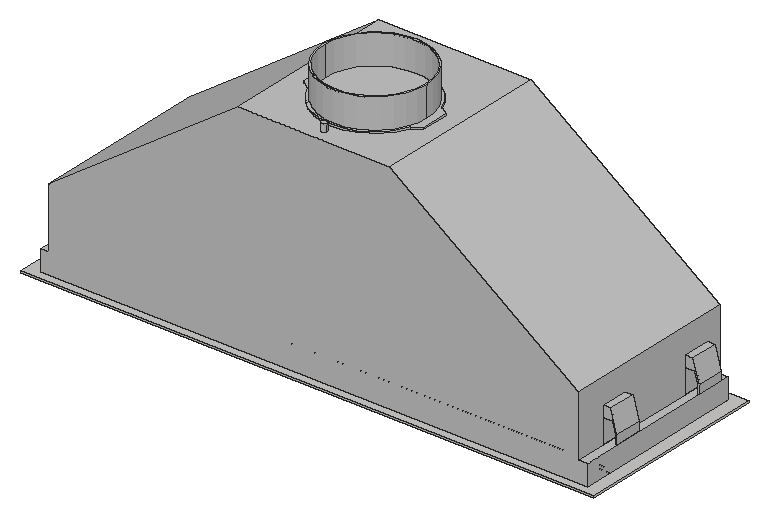
Revit family "FP_Revit_18_HP90IHCB3_Rangehood_90000963A", category Specialty Equipment, Revit 2018
Family settings
  Round Connector Dimension = Use Diameter
  Part Type = Normal
  OmniClass Number = 23.40.40.00
  OmniClass Title = Food Service Equipment and Furnishings
  Work Plane-Based = No
  Always vertical = Yes
  Cut with Voids When Loaded = Yes
  Shared = No
  Room Calculation Point = No
Parameters
  Visibility - Clearance Required = yes
  URL = "www.fisherpaykel.com"
  Product - Width = 530 mm  # constant formula
  Product - Height = 360 mm  # constant formula
  Product - Depth = 280 mm  # constant formula
  Model = "HP90IHCB3"
  Material - Trim = Fisher & Paykel - Stainless Steel
  Material - Glass = Fisher & Paykel - Glass, Black
  Material - Diffuser = Fisher & Paykel - White Bezel
  Material - Body = Fisher & Paykel - Grey
  Manufacturer = "Fisher & Paykel Appliances"
  Keynote = ""
  FFL Offset [instance] = 1550 mm
  Description = "90cm Built-in Integrated Rangehood"
  Connector Description - Extraction = "Use rigid or semi-rigid ducting 150mm diameter, 687m³/hr"
  Connector Description - Electrical = "220-240 V, 50Hz, 15 A fused electrical supply"
  Chassis - Width = 492 mm  # constant formula
  Chassis - Height = 315 mm  # constant formula
  Chassis - Depth = 255 mm  # constant formula
  Cavity - Width = 800 mm  # constant formula
  Cavity - Height = 365 mm  # constant formula
  Cavity - Depth = 260 mm  # constant formula
Reference planes
  plane 1 "Center (Front/Back)": y = 0
  plane 2: z = 0
  plane 3 "Center (Left/Right)": x = 0
  plane 4 "Product - LHS": x = -415
  plane 5 "Product - RHS": x = 415
  plane 6 "Product - Rear": y = 140
  plane 7 "Cavity - Rear": y = 130
  plane 8 "Chassis - LHS": x = -396
  plane 9 "Chassis - RHS": x = 396
  plane 10 "Product - Front": y = -140
  plane 11 "Cavity - Front": y = -130
  plane 12 "Chassis - Rear": y = 127.5
  plane 13 "Chassis - Front": y = -127.5
  plane 14 "Cavity - RHS": x = 400
  plane 15 "Cavity - LHS": x = -400
  plane 16 "FFL Offset": z = 1550
  plane 17 "Frame": z = 1548
Forms (mm)
  Extrusion 1, solid, material "Fisher & Paykel - Grey" <- "Material - Body"
    sketch origin (0, -130, 0) x (-1, 0, 0) y (0, 0, 1)
      loop
        line (-384, 1580) -> (-396, 1580) -> (-396, 1550) -> (396, 1550) -> (396, 1580) -> (384, 1580) -> (384, 1669) -> (110.5, 1865) -> (-110.5, 1865) -> (-384, 1669) -> (-384, 1580)
    from 2.5 to 257.5
  Extrusion 2, void
    sketch origin (0, 0, 0) x (0, 1, 0) y (0, 0, 1)
      loop
        line (-125.5, 1548) -> (-87.449, 1548) -> (-87.449, 1550) -> (-85.042, 1553.195) -> (-110.289, 1572.22) -> (-112.696, 1569.025) -> (-125.5, 1563.852) -> (-125.5, 1548)
      loop
        line (-67.5, 1548) -> (125.5, 1548) -> (125.5, 1568) -> (117.5, 1568) -> (117.5, 1578) -> (-67.5, 1578) -> (-67.5, 1548)
    from -395 to 395
  Extrusion 3, solid, material "Fisher & Paykel - Stainless Steel" <- "Material - Trim"
    sketch origin (0, 0, 0) x (1, 0, 0) y (0, 1, 0)
      loop
        line (-415, -140) -> (415, -140) -> (415, 140) -> (-415, 140) -> (-415, -140)
      loop
        line (-395, -125) -> (395, -125) -> (395, -87) -> (-395, -87) -> (-395, -125)
      loop
        line (-395, -67) -> (395, -67) -> (395, 125) -> (-395, 125) -> (-395, -67)
    from 1548 to 1550
  Extrusion 4, solid, material "Fisher & Paykel - Glass, Black" <- "Material - Glass", detail levels fine
    sketch origin (0, 0, 0) x (1, 0, 0) y (0, 1, 0)
      loop
        line (-377, -47.8) -> (377, -47.8) -> (377, 109.2) -> (-377, 109.2) -> (-377, -47.8)
      loop
        line (-182.5, -10) -> (-102.5, -10) -> (-102.5, 60) -> (-182.5, 60) -> (-182.5, -10)
      loop
        line (182.5, -10) -> (182.5, 60) -> (102.5, 60) -> (102.5, -10) -> (182.5, -10)
    from 1548 to 1551
  Extrusion 5, solid, material "Fisher & Paykel - Grey"
    sketch origin (0, 0, 0) x (1, 0, 0) y (0, 1, 0)
      loop
        circle (0, -17) r 75
      loop
        circle (0, -17) r 73
    from 1867.021 to 1910
  Extrusion 6, solid, material "Fisher & Paykel - Grey" <- "Material - Body", detail levels fine
    sketch origin (0, 0, -0.879) x (1, 0, 0) y (0, 1, 0)
      loop
        line (-86.5, 3) -> (-86.5, -37) -> (-73.484, -46)
        arc (-73.484, -46) -> (0, -96) -> (73.484, -46) r 79
        line (73.484, -46) -> (86.5, -37) -> (86.5, 3) -> (73.484, 12)
        arc (73.484, 12) -> (0, 62) -> (-73.484, 12) r 79
        line (-73.484, 12) -> (-86.5, 3)
    from 1865.879 to 1867.9
  Extrusion 7, solid, material "Fisher & Paykel - Grey" <- "Material - Body", detail levels fine
    sketch origin (0, 0, 0) x (1, 0, 0) y (0, 1, 0)
      loop
        circle (0, -108.984) r 4
    from 1865 to 1874.8
  Extrusion 8, solid, material "Fisher & Paykel - Glass, Black" <- "Material - Glass", detail levels fine
    sketch origin (0, 0, 1550) x (0, 1, 0) y (0, 0, 1)
      loop
        line (-87.449, 0) -> (-85.042, 3.195) -> (-110.289, 22.22) -> (-112.696, 19.025) -> (-87.449, 0)
    from -395 to 395
  Extrusion 9, solid, material "Fisher & Paykel - White Bezel" <- "Material - Diffuser", detail levels fine
    sketch origin (0, 0, 0) x (1, 0, 0) y (0, 1, 0)
      loop
        line (-182.5, 60) -> (-182.5, -10) -> (-102.5, -10) -> (-102.5, 60) -> (-182.5, 60)
      loop
        line (182.5, 60) -> (102.5, 60) -> (102.5, -10) -> (182.5, -10) -> (182.5, 60)
    from 1548 to 1551
  Extrusion 10, solid, material "Fisher & Paykel - Clearance Required", visible <- "Visibility - Clearance Required", detail levels coarse
    sketch origin (0, 0, 0) x (1, 0, 0) y (0, 1, 0)
      loop
        line (-400, 130) -> (-400, -130) -> (400, -130) -> (400, 130) -> (-400, 130)
    from 1550 to 1915
  Extrusion 11, solid, material "Fisher & Paykel - Clearance Required", visible <- "Visibility - Clearance Required", detail levels coarse
    sketch origin (0, 0, 0) x (1, 0, 0) y (0, 1, 0)
      loop
        circle (0, -17) r 80
    from 1915 to 1965
  Extrusion 12, solid, material "Fisher & Paykel - Grey" <- "Material - Body", detail levels medium+fine
    sketch origin (0, 0, 1550) x (1, 0, 0) y (0, 0, 1)
      loop
        line (-398.5, 67) -> (-386, 67) -> (-386, 33) -> (-384, 33) -> (-384, 83) -> (-396, 83) -> (-405, 51) -> (-405, 39) -> (-403, 39) -> (-403, 51) -> (-398.5, 67)
      loop
        line (398.5, 67) -> (403, 51) -> (403, 39) -> (405, 39) -> (405, 51) -> (396, 83) -> (384, 83) -> (384, 33) -> (386, 33) -> (386, 67) -> (398.5, 67)
    from 46 to 85.042
  Extrusion 13, solid, material "Fisher & Paykel - Grey" <- "Material - Body", detail levels medium+fine
    sketch origin (0, 0, 1550) x (1, 0, 0) y (0, 0, -1)
      loop
        line (-398.5, -67) -> (-403, -51) -> (-403, -39) -> (-405, -39) -> (-405, -51) -> (-396, -83) -> (-384, -83) -> (-384, -33) -> (-386, -33) -> (-386, -67) -> (-398.5, -67)
      loop
        line (398.5, -67) -> (386, -67) -> (386, -33) -> (384, -33) -> (384, -83) -> (396, -83) -> (405, -51) -> (405, -39) -> (403, -39) -> (403, -51) -> (398.5, -67)
    from 64 to 103
  Extrusion 14, solid, material "Fisher & Paykel - Glass, Black" <- "Material - Glass", not visible, detail levels fine
    sketch origin (0, 0, 500) x (0, 1, 0) y (0, 0, 1)
      loop
        line (-87.449, 0) -> (-85.042, 3.195) -> (-110.289, 22.22) -> (-112.696, 19.025) -> (-87.449, 0)
    from -395 to 395
  Extrusion 15, solid, material "Fisher & Paykel - Grey" <- "Material - Body", not visible, detail levels medium+fine
    sketch origin (0, 0, 500) x (1, 0, 0) y (0, 0, 1)
      loop
        line (-398.5, 67) -> (-386, 67) -> (-386, 33) -> (-384, 33) -> (-384, 83) -> (-396, 83) -> (-405, 51) -> (-405, 39) -> (-403, 39) -> (-403, 51) -> (-398.5, 67)
      loop
        line (398.5, 67) -> (403, 51) -> (403, 39) -> (405, 39) -> (405, 51) -> (396, 83) -> (384, 83) -> (384, 33) -> (386, 33) -> (386, 67) -> (398.5, 67)
    from 46 to 85.042
  Extrusion 16, solid, material "Fisher & Paykel - Grey" <- "Material - Body", not visible, detail levels medium+fine
    sketch origin (0, 0, 500) x (1, 0, 0) y (0, 0, -1)
      loop
        line (-398.5, -67) -> (-403, -51) -> (-403, -39) -> (-405, -39) -> (-405, -51) -> (-396, -83) -> (-384, -83) -> (-384, -33) -> (-386, -33) -> (-386, -67) -> (-398.5, -67)
      loop
        line (398.5, -67) -> (386, -67) -> (386, -33) -> (384, -33) -> (384, -83) -> (396, -83) -> (405, -51) -> (405, -39) -> (403, -39) -> (403, -51) -> (398.5, -67)
    from 64 to 103
  Extrusion 17, void
    sketch origin (0, 0, 0) x (1, 0, 0) y (0, 1, 0)
      loop
        line (-400, 130) -> (-400, -130) -> (400, -130) -> (400, 130) -> (-400, 130)
    from 1550 to 1915
  Extrusion 18, void
    sketch origin (0, 0, 0) x (1, 0, 0) y (0, 1, 0)
      loop
        circle (0, -17) r 80
    from 1915 to 1965
Cuts and joins
  Extrusion 2 cuts Extrusion 1
Text (mm)
  text "Due to ongoing product development, product details are subject to change without notice. \nPlease always refer to www.fisherpaykel.com for the most current product information. \n© Fisher & Paykel 2020" at (41.04, -1044.323, 0), in view "Ref. Level (Plan)"
Dimensions and locks
  equal spacing: plane 4 "Product - LHS", plane 3 "Center (Left/Right)", plane 5 "Product - RHS"
  equal spacing: plane 8 "Chassis - LHS", plane 3 "Center (Left/Right)", plane 9 "Chassis - RHS"
  plane 8 "Chassis - LHS" to plane 9 "Chassis - RHS" = 792 mm
  equal spacing: plane 11 "Cavity - Front", plane 1 "Center (Front/Back)", plane 7 "Cavity - Rear"
  equal spacing: plane 12 "Chassis - Rear", plane 1 "Center (Front/Back)", plane 13 "Chassis - Front"
  equal spacing: plane 6 "Product - Rear", plane 1 "Center (Front/Back)", plane 10 "Product - Front"
  "Cavity - Depth": plane 11 "Cavity - Front" to plane 7 "Cavity - Rear"
  "Product - Depth": plane 6 "Product - Rear" to plane 10 "Product - Front"
  plane 4 "Product - LHS" to plane 5 "Product - RHS" = 830 mm
  "Chassis - Depth": plane 12 "Chassis - Rear" to plane 13 "Chassis - Front"
  equal spacing: plane 15 "Cavity - LHS", plane 3 "Center (Left/Right)", plane 14 "Cavity - RHS"
  plane 15 "Cavity - LHS" to plane 14 "Cavity - RHS" = 800 mm
  "Cavity - Width": plane 15 "Cavity - LHS" to plane 14 "Cavity - RHS"
  "FFL Offset": plane 16 "FFL Offset" to level
  locked: Extrusion 1 sketch curve to plane 16 "FFL Offset" at 30
  locked: Extrusion 1 sketch curve to plane 16 "FFL Offset" at 119  (x2)
  locked: Extrusion 2 sketch curve to plane 16 "FFL Offset" at 13.852
  locked: Extrusion 2 sketch curve to plane 16 "FFL Offset" at 3.195
  locked: Extrusion 2 sketch curve to plane 16 "FFL Offset" at 19.025
  locked: Extrusion 2 sketch curve to plane 16 "FFL Offset" at 22.22
  locked: plane 16 "FFL Offset" to Extrusion 2 sketch curve at 18
  locked: plane 16 "FFL Offset" to Extrusion 2 sketch curve at 28
  plane 16 "FFL Offset" to plane 17 "Frame" = 2 mm
  locked: Extrusion 6 to cut or joined group of Extrusion 1, Extrusion 2 at 2.021
  cut or joined group of Extrusion 1, Extrusion 2 to plane 16 "FFL Offset" = 315 mm
  locked: Extrusion 7 to plane 16 "FFL Offset" at 324.8
  locked: Extrusion 5 to plane 16 "FFL Offset" at 360
  "Chassis - Height": cut or joined group of Extrusion 1, Extrusion 2 to plane 16 "FFL Offset"
  locked: Extrusion 4 to plane 17 "Frame" at 3
  locked: Extrusion 12 to plane 16 "FFL Offset" at 83
  "Cavity - Height": Extrusion 10 to plane 16 "FFL Offset"
  locked: Extrusion 11 to Extrusion 10 at 50
  aligned and locked: level to plane 2
  aligned and locked: plane 12 "Chassis - Rear" to Extrusion 1
  aligned and locked: Extrusion 1 to plane 13 "Chassis - Front"
  aligned and locked: plane 7 "Cavity - Rear" to Extrusion 10 sketch curve
  aligned and locked: Extrusion 10 sketch curve to plane 15 "Cavity - LHS"
  aligned and locked: plane 11 "Cavity - Front" to Extrusion 10 sketch curve
  aligned and locked: Extrusion 10 sketch curve to plane 14 "Cavity - RHS"
  aligned and locked: Extrusion 5 to Extrusion 6
  aligned and locked: Extrusion 11 to Extrusion 10
  aligned and locked: Extrusion 1 sketch curve to plane 16 "FFL Offset"
  aligned and locked: Extrusion 1 sketch curve to Extrusion 1 sketch curve
  aligned and locked: Extrusion 2 sketch curve to Extrusion 2 sketch curve
  aligned and locked: Extrusion 6 to cut or joined group of Extrusion 1, Extrusion 2
  aligned and locked: Extrusion 2 to plane 17 "Frame"
  aligned and locked: Extrusion 7 to cut or joined group of Extrusion 1, Extrusion 2
  aligned and locked: Extrusion 3 to cut or joined group of Extrusion 1, Extrusion 2
  aligned and locked: Extrusion 3 to plane 17 "Frame"
  aligned and locked: Extrusion 3 to Extrusion 4
  aligned and locked: Extrusion 4 to Extrusion 9
  aligned and locked: Extrusion 3 to Extrusion 9
  aligned and locked: Extrusion 10 to cut or joined group of Extrusion 1, Extrusion 2
  aligned and locked: Extrusion 17 to Extrusion 10
  aligned and locked: Extrusion 17 to cut or joined group of Extrusion 1, Extrusion 2
  aligned and locked: Extrusion 18 to Extrusion 10
  aligned and locked: Extrusion 18 to Extrusion 11
Automatic sketch dimensions
  Extrusion 8 sketch curve to Extrusion 8 sketch curve = 2.407 mm
  Extrusion 8 sketch curve to Extrusion 8 sketch curve = 25.247 mm
  Extrusion 12 sketch curve to Extrusion 12 sketch curve = 2 mm  (x4)
  Extrusion 12 sketch curve to Extrusion 12 sketch curve = 6 mm  (x2)
  Extrusion 12 sketch curve to Extrusion 12 sketch curve = 12 mm  (x3)
  Extrusion 12 sketch curve to Extrusion 12 sketch curve = 0 mm  (x3)
  Extrusion 12 sketch curve to Extrusion 12 sketch curve = 16 mm  (x4)
  Extrusion 13 sketch curve to Extrusion 13 sketch curve = 2 mm  (x4)
  Extrusion 13 sketch curve to Extrusion 13 sketch curve = 12 mm  (x4)
  Extrusion 13 sketch curve to Extrusion 13 sketch curve = 16 mm  (x4)
  Extrusion 13 sketch curve to Extrusion 13 sketch curve = 0 mm  (x3)
  Extrusion 13 sketch curve to Extrusion 13 sketch curve = 6 mm  (x2)
  Extrusion 8 sketch curve to Extrusion 8 sketch curve = 3.195 mm
  Extrusion 12 sketch curve to Extrusion 12 sketch curve = 4.5 mm
  Extrusion 12 sketch curve to Extrusion 12 sketch curve = 2.5 mm
  Extrusion 12 sketch curve to Extrusion 12 sketch curve = 17 mm  (x2)
  Extrusion 12 sketch curve to Extrusion 12 sketch curve = 768 mm
  Extrusion 12 sketch curve to Extrusion 12 sketch curve = 12.5 mm
  Extrusion 13 sketch curve to Extrusion 13 sketch curve = 4.5 mm
  Extrusion 13 sketch curve to Extrusion 13 sketch curve = 2.5 mm
  Extrusion 13 sketch curve to Extrusion 13 sketch curve = 768 mm
  Extrusion 13 sketch curve to Extrusion 13 sketch curve = 12.5 mm
  Extrusion 13 sketch curve to Extrusion 13 sketch curve = 17 mm
  Extrusion 14 sketch curve to Extrusion 14 sketch curve = 2.407 mm
  Extrusion 14 sketch curve to Extrusion 14 sketch curve = 25.247 mm
  Extrusion 15 sketch curve to Extrusion 15 sketch curve = 2 mm  (x4)
  Extrusion 15 sketch curve to Extrusion 15 sketch curve = 6 mm  (x2)
  Extrusion 15 sketch curve to Extrusion 15 sketch curve = 12 mm  (x3)
  Extrusion 15 sketch curve to Extrusion 15 sketch curve = 0 mm  (x3)
  Extrusion 15 sketch curve to Extrusion 15 sketch curve = 16 mm  (x4)
  Extrusion 16 sketch curve to Extrusion 16 sketch curve = 2 mm  (x4)
  Extrusion 16 sketch curve to Extrusion 16 sketch curve = 12 mm  (x4)
  Extrusion 16 sketch curve to Extrusion 16 sketch curve = 16 mm  (x4)
  Extrusion 16 sketch curve to Extrusion 16 sketch curve = 0 mm  (x3)
  Extrusion 16 sketch curve to Extrusion 16 sketch curve = 6 mm  (x2)
  Extrusion 14 sketch curve to Extrusion 14 sketch curve = 3.195 mm
  Extrusion 15 sketch curve to Extrusion 15 sketch curve = 4.5 mm
  Extrusion 15 sketch curve to Extrusion 15 sketch curve = 2.5 mm
  Extrusion 15 sketch curve to Extrusion 15 sketch curve = 17 mm  (x2)
  Extrusion 15 sketch curve to Extrusion 15 sketch curve = 768 mm
  Extrusion 15 sketch curve to Extrusion 15 sketch curve = 12.5 mm
  Extrusion 16 sketch curve to Extrusion 16 sketch curve = 4.5 mm
  Extrusion 16 sketch curve to Extrusion 16 sketch curve = 2.5 mm
  Extrusion 16 sketch curve to Extrusion 16 sketch curve = 768 mm
  Extrusion 16 sketch curve to Extrusion 16 sketch curve = 12.5 mm
  Extrusion 16 sketch curve to Extrusion 16 sketch curve = 17 mm
  Extrusion 1 sketch curve to plane 9 "Chassis - RHS" = 0 mm
  Extrusion 1 sketch curve to Extrusion 1 sketch curve = 12 mm
  plane 3 "Center (Left/Right)" to Extrusion 1 sketch curve = 110.5 mm
  Extrusion 1 sketch curve to plane 3 "Center (Left/Right)" = 110.5 mm
  Extrusion 1 sketch curve to plane 8 "Chassis - LHS" = 12 mm
  Extrusion 1 sketch curve to plane 8 "Chassis - LHS" = 0 mm
  plane 16 "FFL Offset" to Extrusion 1 sketch curve = 315 mm
  Extrusion 2 sketch curve to plane 17 "Frame" = 0 mm
  Extrusion 2 sketch curve to plane 16 "FFL Offset" = 0 mm
  plane 13 "Chassis - Front" to Extrusion 2 sketch curve = 2 mm
  Extrusion 2 sketch curve to Extrusion 2 sketch curve = 12.804 mm
  Extrusion 2 sketch curve to Extrusion 2 sketch curve = 2.407 mm
  Extrusion 2 sketch curve to Extrusion 2 sketch curve = 17.542 mm
  Extrusion 2 sketch curve to plane 12 "Chassis - Rear" = 10 mm
  Extrusion 2 sketch curve to plane 12 "Chassis - Rear" = 2 mm
  Extrusion 3 sketch curve to plane 4 "Product - LHS" = 0 mm
  Extrusion 3 sketch curve to plane 5 "Product - RHS" = 0 mm
  Extrusion 3 sketch curve to plane 8 "Chassis - LHS" = 1 mm  (x2)
  Extrusion 3 sketch curve to plane 9 "Chassis - RHS" = 1 mm  (x2)
  Extrusion 3 sketch curve to plane 10 "Product - Front" = 0 mm
  plane 13 "Chassis - Front" to Extrusion 3 sketch curve = 2.5 mm
  Extrusion 3 sketch curve to Extrusion 3 sketch curve = 38 mm
  Extrusion 3 sketch curve to Extrusion 3 sketch curve = 20 mm
  Extrusion 3 sketch curve to plane 12 "Chassis - Rear" = 2.5 mm
  plane 6 "Product - Rear" to Extrusion 3 sketch curve = 0 mm
  Extrusion 4 sketch curve to plane 8 "Chassis - LHS" = 19 mm
  plane 1 "Center (Front/Back)" to Extrusion 4 sketch curve = 10 mm  (x2)
  Extrusion 4 sketch curve to plane 3 "Center (Left/Right)" = 182.5 mm
  Extrusion 4 sketch curve to Extrusion 4 sketch curve = 80 mm  (x2)
  plane 3 "Center (Left/Right)" to Extrusion 4 sketch curve = 102.5 mm
  Extrusion 4 sketch curve to plane 9 "Chassis - RHS" = 19 mm
  plane 1 "Center (Front/Back)" to Extrusion 4 sketch curve = 47.8 mm
  Extrusion 4 sketch curve to plane 1 "Center (Front/Back)" = 60 mm  (x2)
  Extrusion 4 sketch curve to plane 12 "Chassis - Rear" = 18.3 mm
  Extrusion 5 sketch curve to Extrusion 5 sketch curve = 0 mm  (x2)
  Extrusion 5 sketch curve to plane 3 "Center (Left/Right)" = 0 mm
  plane 1 "Center (Front/Back)" to Extrusion 5 sketch curve = 17 mm
  Extrusion 6 sketch curve to Extrusion 6 sketch curve = 0 mm  (x3)
  Extrusion 6 sketch curve to plane 3 "Center (Left/Right)" = 0 mm
  plane 1 "Center (Front/Back)" to Extrusion 6 sketch curve = 46 mm  (x2)
  Extrusion 6 sketch curve to plane 3 "Center (Left/Right)" = 73.484 mm
  Extrusion 6 sketch curve to plane 1 "Center (Front/Back)" = 3 mm  (x2)
  Extrusion 6 sketch curve to Extrusion 6 sketch curve = 13.016 mm  (x2)
  Extrusion 6 sketch curve to plane 1 "Center (Front/Back)" = 12 mm  (x3)
  Extrusion 6 sketch curve to Extrusion 6 sketch curve = 9 mm  (x2)
  plane 1 "Center (Front/Back)" to Extrusion 6 sketch curve = 17 mm
  Extrusion 7 sketch curve to plane 3 "Center (Left/Right)" = 0 mm
  plane 13 "Chassis - Front" to Extrusion 7 sketch curve = 18.516 mm
  plane 1 "Center (Front/Back)" to Extrusion 9 sketch curve = 10 mm  (x2)
  Extrusion 9 sketch curve to plane 3 "Center (Left/Right)" = 182.5 mm
  Extrusion 9 sketch curve to Extrusion 9 sketch curve = 80 mm  (x2)
  plane 3 "Center (Left/Right)" to Extrusion 9 sketch curve = 102.5 mm
  Extrusion 9 sketch curve to plane 1 "Center (Front/Back)" = 60 mm  (x2)
  Extrusion 11 sketch curve to plane 3 "Center (Left/Right)" = 0 mm
  plane 1 "Center (Front/Back)" to Extrusion 11 sketch curve = 17 mm
  Extrusion 17 sketch curve to plane 11 "Cavity - Front" = 0 mm
  Extrusion 17 sketch curve to plane 15 "Cavity - LHS" = 0 mm
  Extrusion 17 sketch curve to plane 14 "Cavity - RHS" = 0 mm
  plane 7 "Cavity - Rear" to Extrusion 17 sketch curve = 0 mm
  Extrusion 18 sketch curve to plane 3 "Center (Left/Right)" = 0 mm
  plane 1 "Center (Front/Back)" to Extrusion 18 sketch curve = 17 mm
  radius of Extrusion 5 sketch curve = 75 mm
  radius of Extrusion 5 sketch curve = 73 mm
  radius of Extrusion 7 sketch curve = 4 mm
  radius of Extrusion 11 sketch curve = 80 mm
  radius of Extrusion 18 sketch curve = 80 mm
Connectors
  electrical at (0, -108.984, 1874.8), driven by "Connector Description - Electrical"
    settings: on Extrusion 7, index 1, voltage 230 V, apparent load 0 VA, apparent load phase1 0 VA, apparent load phase2 0 VA, apparent load phase3 0 VA, power factor 1, load classification "Other", number of poles 1, system type 30, power factor state 1, is connector primary yes, connector utility no, sub classification motor no, connector description "220-240 V, 50Hz, 15 A fused electrical supply"
  hvac at (0, -17, 1910), driven by "Connector Description - Extraction"
    settings: on Extrusion 5, index 2, duct flow 0.0 L/s, flow factor 0, pres drop 0.0 Pa, loss coef 0, conn angle 0.00°, conn width 304.8 mm, conn height 304.8 mm, conn diameter 150 mm, duct sys type 4, conn prof type 0, flow config 0, flow direction 2, loss method 0, conn ref index -1, conn util no, is conn primary yes, conn desc "Use rigid or semi-rigid ducting 150mm diameter, 687m³/hr"
